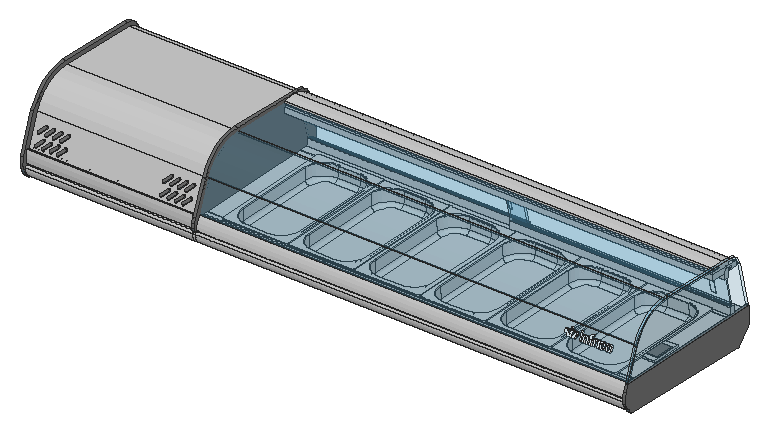
Revit family "QF_INFRICO_VET6P_250815111257", category Specialty Equipment, Revit 2021 (continued)
Definition of nested family "QF_INFRICO_VET6P_2920"
  Forms (mm)
    Extrusion 54, solid
      sketch origin (1213.786, -706.979, 20.205) x (-1, 0, 0) y (0, -0.99937, -0.035504)
        loop
          arc (-197.214, -391.957) -> (-208.637, -364.38) -> (-236.214, -352.957) r 39
          line (-236.214, -352.957) -> (-294.214, -352.957)
          arc (-294.214, -352.957) -> (-321.791, -364.38) -> (-333.214, -391.957) r 39
          line (-333.214, -391.957) -> (-333.214, -598.957)
          arc (-333.214, -598.957) -> (-321.791, -626.534) -> (-294.214, -637.957) r 39
          line (-294.214, -637.957) -> (-236.214, -637.957)
      from 0 to 2
    Extrusion 55, solid
      sketch origin (2531.523, 2777.565, 186.024) x (-1, 0, 0) y (0, -0.99937, -0.035504)
        loop
          arc (1130.523, 3096.278) -> (1116.172, 3130.926) -> (1081.523, 3145.278) r 49
          line (1081.523, 3145.278) -> (1023.523, 3145.278)
          arc (1023.523, 3145.278) -> (988.875, 3130.926) -> (974.523, 3096.278) r 49
          line (974.523, 3096.278) -> (974.523, 2889.278)
          arc (974.523, 2889.278) -> (988.175, 2855.344) -> (1021.524, 2840.319) r 49
          line (1021.524, 2840.319) -> (1083.522, 2840.319)
          arc (1083.522, 2840.319) -> (1116.871, 2855.344) -> (1130.523, 2889.278) r 49
          line (1130.523, 2889.278) -> (1130.523, 3096.278)
        loop
          arc (1140.523, 3150.278) -> (1139.059, 3153.813) -> (1135.523, 3155.278) r 5
          line (1135.523, 3155.278) -> (969.523, 3155.278)
          arc (969.523, 3155.278) -> (965.988, 3153.813) -> (964.523, 3150.278) r 5
          line (964.523, 3150.278) -> (964.523, 2835.319)
          arc (964.523, 2835.319) -> (965.988, 2831.783) -> (969.523, 2830.319) r 5
          line (969.523, 2830.319) -> (1135.523, 2830.319)
          arc (1135.523, 2830.319) -> (1139.059, 2831.783) -> (1140.523, 2835.319) r 5
          line (1140.523, 2835.319) -> (1140.523, 3150.278)
      from 0 to 2
    Sweep 56, solid
      path origin (587.333, -1072.346, 49.252) x (1, 0, 0) y (0, 0.99937, 0.035504)
        loop
          line (813.667, 963.062) -> (813.667, 756.062)
          arc (813.667, 756.062) -> (828.019, 721.414) -> (862.667, 707.062) r 49
          line (862.667, 707.062) -> (920.667, 707.062)
          arc (920.667, 707.062) -> (955.316, 721.414) -> (969.667, 756.062) r 49
          line (969.667, 756.062) -> (969.667, 963.062)
          arc (969.667, 963.062) -> (955.316, 997.71) -> (920.667, 1012.062) r 49
          line (920.667, 1012.062) -> (862.667, 1012.062)
          arc (862.667, 1012.062) -> (828.019, 997.71) -> (813.667, 963.062) r 49
      profile origin (1401, -213.326, 79.769) x (1, 0, 0) y (0, -0.035504, 0.99937)
        loop
          line (0, 0) -> (-2, 0) -> (-2, -30)
          arc (-2, -30) -> (1.515, -38.485) -> (10, -42) r 12
          line (10, -42) -> (10, -40)
          arc (10, -40) -> (2.929, -37.071) -> (0, -30) r 10
          line (0, -30) -> (0, 0)
    Extrusion 57, solid
      sketch origin (2126, -1264.507, 47.144) x (0, 0.99937, 0.035504) y (1, 0, 0)
        loop
          arc (974, -555) -> (1012.5, -557) -> (1051, -555) r 371.563
          arc (1051, -555) -> (1052, -539) -> (1051, -523) r 128.5
          arc (1051, -523) -> (1012.5, -521) -> (974, -523) r 371.563
          arc (974, -523) -> (973, -539) -> (974, -555) r 128.5
      from 0 to 5
    Extrusion 58, solid
      sketch origin (2126, -1264.511, 47.244) x (0, 0.99937, 0.035504) y (1, 0, 0)
        loop
          line (1038, -528.124) -> (987, -528.124) -> (987, -556.124)
          arc (987, -556.124) -> (1012.5, -557) -> (1038, -556.124) r 371.563
          line (1038, -556.124) -> (1038, -528.124)
      from 0 to 2
  Cuts and joins
    joined: Extrusion 3, Extrusion 5, Extrusion 6, Extrusion 11, Extrusion 31
    joined: Extrusion 19, Extrusion 21, Extrusion 22
    joined: Extrusion 20, Extrusion 23, Extrusion 24
    joined: Extrusion 39, Sweep 41
    joined: Extrusion 42, Sweep 44
    joined: Extrusion 45, Sweep 47
    joined: Extrusion 48, Sweep 50
    joined: Extrusion 54, Sweep 56
    joined: Extrusion 51, Sweep 53
  Lines and regions (mm)
    symbolic lines
      curve 1: line (8, 0, 0) -> (0, 0, 0)
      curve 2: line (0, 0, 0) -> (0, -410, 0)
      curve 3: line (0, -410, 0) -> (8, -410, 0)
      curve 4: line (8, -410, 0) -> (8, -404.903, 0)
      curve 5: line (8, -404.903, 0) -> (458, -404.903, 0)
      curve 6: line (458, -404.903, 0) -> (458, -409.781, 0)
      curve 7: line (466, -409.781, 0) -> (466, -405.533, 0)
      curve 8: line (466, -409.781, 0) -> (458, -409.781, 0)
      curve 9: line (466, -405.533, 0) -> (1612, -405.533, 0)
      curve 10: line (1612, -405.533, 0) -> (1612, -410, 0)
      curve 11: line (1612, -410, 0) -> (1620, -410, 0)
      curve 12: line (1620, -410, 0) -> (1620, 0, 0)
      curve 13: line (1620, 0, 0) -> (1612, 0, 0)
      curve 14: line (1612, 0, 0) -> (1612, -4.091, 0)
      curve 15: line (1612, -4.091, 0) -> (8, -4.091, 0)
      curve 16: line (8, -4.091, 0) -> (8, 0, 0)
      curve 17: line (8, -4.091, 0) -> (8, -404.903, 0)
      curve 18: line (458, -4.091, 0) -> (458, -404.903, 0)
      curve 19: line (466, -405.533, 0) -> (466, -4.091, 0)
      curve 20: line (466, -392.346, 0) -> (1612, -392.346, 0)
      curve 21: line (1612, -4.091, 0) -> (1612, -405.533, 0)
      curve 22: line (466, -109.774, 0) -> (1612, -109.774, 0)
      curve 23: line (466, -34.774, 0) -> (1612, -34.774, 0)
      curve 24: line (466, -31.091, 0) -> (1612, -31.091, 0)
      curve 25: line (8, -30, 0) -> (458, -30, 0)
      curve 26: line (458, -20, 0) -> (8, -20, 0)
      curve 27: line (458, -398, 0) -> (8, -398, 0)
  Dimensions and locks
    plane 1 "Back" to plane 5 "Front" = 410 mm  (x2)
    plane 3 "Left" to plane 4 "Right" = 1620 mm
    plane 6 "Top" to level = 230 mm  (x2)
    plane 4 "Right" to plane 3 "Left" = 1620 mm
    aligned and locked: level to plane 2
Definition of nested family "CONN_POINT_ELE_2D___Generic_Annotation"
  Parameters (values of type "CONN_POINT_ELE_2D___Generic_Annotation")
    Onboard connection annotation symbol visibility [instance] = yes
  Reference planes
    plane 1: y = 0
    plane 2: x = 0
  Lines and regions (mm)
    detail lines, visible <- "Onboard connection annotation symbol visibility"
      curve 1: circle (0, 0, 0) r 0.5 normal (0, 0, 1)
      curve 2: line (-1, 0, 0) -> (1, 0, 0)
      curve 3: line (0, 1, 0) -> (0, -1, 0)
      curve 4: line (2.5, 1, 0) -> (1.25, 1, 0)
      curve 5: line (1.25, 1, 0) -> (1.25, -1, 0)
      curve 6: line (1.25, -1, 0) -> (2.5, -1, 0)
      curve 7: line (1.25, 0, 0) -> (2, 0, 0)
